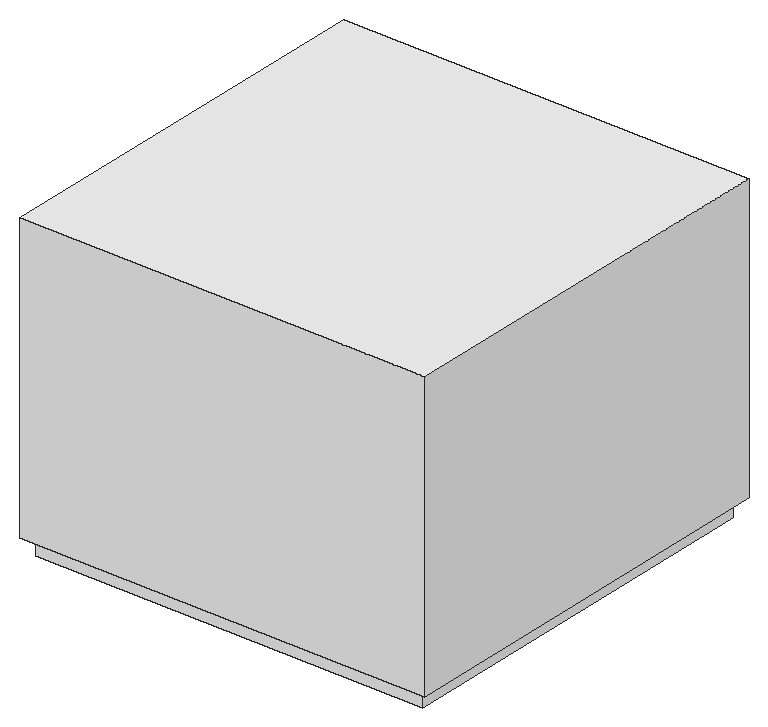
Revit family
Parameters
  URL = "http://www.martinbrattrud.com"
  SCS Certified Product = "Yes"
  Model = "Cor-Bitz 741-24S"
  Manufacturer = "Martin Brattrud, Inc."
  Foot [instance] = none
  Keynote = "125000"
  Copyright = "© 2013 Martin Brattrud, Inc."
  Table [instance] = none
  Authoring Version = "Revit Architecture 2010"
  Assembly Code = "E2020200"
Reference planes (in)
  plane 1 "Center Front/Back": y = 0
  plane 2: z = 0
  plane 3 "Center Left/Right": x = 0
Forms (in)
  Extrusion 1, solid, material <- "Table"
    sketch origin (0, 0, 0) x (1, 0, 0) y (0, 1, 0)
      loop
        line (-12, 12) -> (-12, -12) -> (12, -12) -> (12, 12) -> (-12, 12)
    from 1.25 to 18.25
  Extrusion 2, solid, material <- "Foot"
    sketch origin (0, 0, 0) x (1, 0, 0) y (0, 1, 0)
      loop
        line (-11.5, 11.5) -> (-11.5, -11.5) -> (11.5, -11.5) -> (11.5, 11.5) -> (-11.5, 11.5)
    from 0.25 to 1.25
  Revolve 3, solid, material <- "Foot"
    sketch origin (10.125, 10.17487, 0) x (-1, 0, 0) y (0, 0, -1)
      loop
        arc (-0.2498, 0) -> (-0.33833, -0.03667) -> (-0.375, -0.1252) r 0.1252
        line (-0.375, -0.1252) -> (-0.375, -0.25) -> (0, -0.25) -> (0, 0) -> (-0.2498, 0)
      axis (0, -0.25) -> (0, 0)
    angle from 0 to 360
  Revolve 4, solid, material <- "Foot"
    sketch origin (-10.125, 10.17487, 0) x (-1, 0, 0) y (0, 0, -1)
      loop
        arc (-0.2498, 0) -> (-0.33833, -0.03667) -> (-0.375, -0.1252) r 0.1252
        line (-0.375, -0.1252) -> (-0.375, -0.25) -> (0, -0.25) -> (0, 0) -> (-0.2498, 0)
      axis (0, -0.25) -> (0, 0)
    angle from 0 to 360
  Revolve 5, solid, material <- "Foot"
    sketch origin (10.125, -10.125, 0) x (-1, 0, 0) y (0, 0, -1)
      loop
        arc (-0.2498, 0) -> (-0.33833, -0.03667) -> (-0.375, -0.1252) r 0.1252
        line (-0.375, -0.1252) -> (-0.375, -0.25) -> (0, -0.25) -> (0, 0) -> (-0.2498, 0)
      axis (0, -0.25) -> (0, 0)
    angle from 0 to 360
  Revolve 6, solid, material <- "Foot"
    sketch origin (-10.125, -10.125, 0) x (-1, 0, 0) y (0, 0, -1)
      loop
        arc (-0.2498, 0) -> (-0.33833, -0.03667) -> (-0.375, -0.1252) r 0.1252
        line (-0.375, -0.1252) -> (-0.375, -0.25) -> (0, -0.25) -> (0, 0) -> (-0.2498, 0)
      axis (0, -0.25) -> (0, 0)
    angle from 0 to 360
